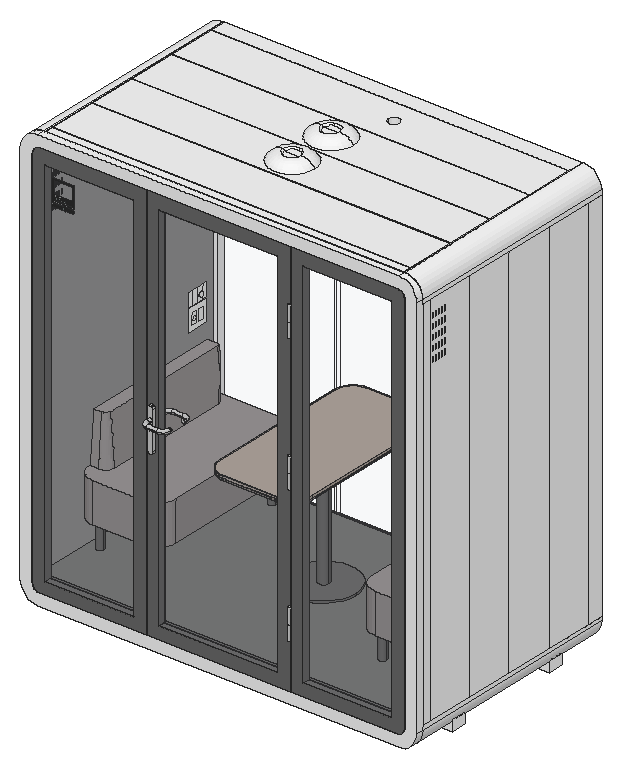
Revit family "MOTTO ML - white", category Entorno, Revit 2023 (continued)
Definition of nested family "Motto ML"
  Dimensions and locks
    Extrusion 60 sketch curve to Extrusion 60 sketch curve = 67 mm
    Extrusion 60 sketch curve to Extrusion 60 sketch curve = 275.173 mm
    Extrusion 61 sketch curve to Extrusion 61 sketch curve = 67 mm
    Extrusion 61 sketch curve to Extrusion 61 sketch curve = 275.173 mm
    Extrusion 62 sketch curve to Extrusion 62 sketch curve = 67 mm
    Extrusion 62 sketch curve to Extrusion 62 sketch curve = 276.319 mm
    Extrusion 86 sketch curve to Extrusion 86 sketch curve = 67 mm
    Extrusion 86 sketch curve to Extrusion 86 sketch curve = 275.173 mm
    Extrusion 88 sketch curve to Extrusion 88 sketch curve = 67 mm
    Extrusion 88 sketch curve to Extrusion 88 sketch curve = 275.173 mm
    Extrusion 89 sketch curve to Extrusion 89 sketch curve = 67 mm
    Extrusion 89 sketch curve to Extrusion 89 sketch curve = 89.363 mm
    Extrusion 90 sketch curve to Extrusion 90 sketch curve = 67 mm
    Extrusion 90 sketch curve to Extrusion 90 sketch curve = 50 mm
    Extrusion 93 sketch curve to Extrusion 93 sketch curve = 67 mm
    Extrusion 93 sketch curve to Extrusion 93 sketch curve = 89.363 mm
    Extrusion 94 sketch curve to Extrusion 94 sketch curve = 67 mm
    Extrusion 94 sketch curve to Extrusion 94 sketch curve = 50 mm
    Extrusion 102 sketch curve to Extrusion 102 sketch curve = 67 mm
    Extrusion 102 sketch curve to Extrusion 102 sketch curve = 275.173 mm
    Extrusion 103 sketch curve to Extrusion 103 sketch curve = 67 mm
    Extrusion 103 sketch curve to Extrusion 103 sketch curve = 275.173 mm
    Extrusion 104 sketch curve to Extrusion 104 sketch curve = 67 mm
    Extrusion 104 sketch curve to Extrusion 104 sketch curve = 276.319 mm
    Extrusion 105 sketch curve to Extrusion 105 sketch curve = 67 mm
    Extrusion 105 sketch curve to Extrusion 105 sketch curve = 275.173 mm
    Extrusion 106 sketch curve to Extrusion 106 sketch curve = 67 mm
    Extrusion 106 sketch curve to Extrusion 106 sketch curve = 275.173 mm
    Extrusion 107 sketch curve to Extrusion 107 sketch curve = 67 mm
    Extrusion 107 sketch curve to Extrusion 107 sketch curve = 276.319 mm
    Extrusion 120 sketch curve to Extrusion 120 sketch curve = 648.057 mm
    Extrusion 120 sketch curve to Extrusion 120 sketch curve = 40 mm
    Extrusion 121 sketch curve to Extrusion 121 sketch curve = 693.885 mm
    Extrusion 121 sketch curve to Extrusion 121 sketch curve = 40 mm
    Extrusion 122 sketch curve to Extrusion 122 sketch curve = 648.057 mm
    Extrusion 122 sketch curve to Extrusion 122 sketch curve = 25 mm
    Extrusion 123 sketch curve to Extrusion 123 sketch curve = 648.057 mm
    Extrusion 123 sketch curve to Extrusion 123 sketch curve = 40 mm
    Extrusion 124 sketch curve to Extrusion 124 sketch curve = 693.885 mm
    Extrusion 124 sketch curve to Extrusion 124 sketch curve = 40 mm
    Extrusion 125 sketch curve to Extrusion 125 sketch curve = 648.057 mm
    Extrusion 125 sketch curve to Extrusion 125 sketch curve = 25 mm
    aligned and locked: level to plane 2
    aligned and locked: Extrusion 80 sketch curve to Extrusion 80 sketch curve
  Automatic sketch dimensions
    Revolve 1 sketch curve to plane 3 "Center (Left/Right)" = 0 mm  (x2)
    plane 6 to Revolve 1 sketch curve = 1.5 mm
    Revolve 1 sketch curve to Revolve 1 sketch curve = 23.534 mm
    Revolve 1 sketch curve to Revolve 1 sketch curve = 19.466 mm  (x2)
    Revolve 1 sketch curve to Revolve 1 sketch curve = 7 mm
    Revolve 1 sketch curve to Revolve 1 sketch curve = 9.41 mm
    Revolve 1 sketch curve to Revolve 1 sketch curve = 80.75 mm
    Revolve 1 sketch curve to Revolve 1 sketch curve = 43.544 mm
    Revolve 1 sketch curve to Revolve 1 sketch curve = 9.466 mm
    Revolve 1 sketch curve to level = 167.545 mm
    Revolve 1 sketch curve to Revolve 1 sketch curve = 81.315 mm
    plane 9 to Extrusion 2 sketch curve = 0 mm
    Extrusion 2 sketch curve to level = 0 mm
    Extrusion 2 sketch curve to plane 6 = 0 mm
    Extrusion 2 sketch curve to plane 5 = 0 mm
    Extrusion 2 sketch curve to plane 9 = 66 mm
    Extrusion 2 sketch curve to Extrusion 2 sketch curve = 34 mm
    plane 12 to Extrusion 2 sketch curve = 81.2 mm
    Extrusion 2 sketch curve to Extrusion 2 sketch curve = 6 mm  (x5)
    plane 10 to Extrusion 2 sketch curve = 106 mm  (x2)
    Extrusion 2 sketch curve to plane 5 = 40 mm
    Extrusion 2 sketch curve to plane 10 = 0 mm
    Extrusion 3 sketch curve to plane 5 = 0 mm
    plane 6 to Extrusion 3 sketch curve = 66 mm
    Extrusion 3 sketch curve to plane 3 "Center (Left/Right)" = 400 mm
    Extrusion 3 sketch curve to Extrusion 3 sketch curve = 69 mm  (x2)
    plane 6 to Extrusion 3 sketch curve = 136.655 mm
    plane 3 "Center (Left/Right)" to Extrusion 3 sketch curve = 331 mm
    Extrusion 3 sketch curve to plane 5 = 67.345 mm
    Extrusion 4 sketch curve to plane 5 = 67.345 mm
    Extrusion 4 sketch curve to plane 3 "Center (Left/Right)" = 330 mm
    plane 3 "Center (Left/Right)" to Extrusion 4 sketch curve = 330 mm
    plane 6 to Extrusion 4 sketch curve = 136.655 mm
    Extrusion 5 sketch curve to plane 3 "Center (Left/Right)" = 381.56 mm
    Extrusion 5 sketch curve to Extrusion 5 sketch curve = 15 mm
    plane 4 to Extrusion 5 sketch curve = 150.525 mm
    Extrusion 5 sketch curve to plane 4 = 59.475 mm
    plane 7 to Sweep 6 sketch curve = 37.231 mm
    Sweep 6 sketch curve to plane 3 "Center (Left/Right)" = 366.56 mm
    Sweep 6 sketch curve to Sweep 6 sketch curve = 30 mm  (x2)
    Sweep 6 sketch curve to Sweep 6 sketch curve = 58.054 mm
    Sweep 6 sketch curve to Sweep 6 sketch curve = 8.98 mm
    plane 7 to Sweep 6 sketch curve = 13 mm
    profile plane to Sweep 6 sketch curve = 0 mm
    Sweep 6 sketch curve to profile plane = 0 mm
    Extrusion 7 sketch curve to plane 5 = 0 mm
    Extrusion 7 sketch curve to plane 9 = 66 mm
    plane 10 to Extrusion 7 sketch curve = 66 mm
    Extrusion 7 sketch curve to Extrusion 7 sketch curve = 67.345 mm
    Sweep 8 sketch curve to plane 9 = 66 mm
    plane 8 to Sweep 8 sketch curve = 40 mm
    Sweep 8 sketch curve to plane 7 = 40 mm
    profile plane to Sweep 8 sketch curve = 0 mm
    Sweep 8 sketch curve to Sweep 8 sketch curve = 10 mm
    profile plane to Sweep 8 sketch curve = 133.345 mm
    Sweep 8 sketch curve to Sweep 8 sketch curve = 2087.397 mm
    Extrusion 9 sketch curve to plane 9 = 66 mm
    plane 10 to Extrusion 9 sketch curve = 66 mm
    plane 6 to Extrusion 9 sketch curve = 132.345 mm
    plane 6 to Extrusion 9 sketch curve = 65 mm
    Extrusion 10 sketch curve to plane 13 = 140.535 mm
    Extrusion 10 sketch curve to plane 3 "Center (Left/Right)" = 254.558 mm
    Extrusion 10 sketch curve to Extrusion 10 sketch curve = 0 mm
    Extrusion 10 sketch curve to Extrusion 10 sketch curve = 70.711 mm  (x5)
    Extrusion 10 sketch curve to Extrusion 10 sketch curve = 218.579 mm  (x2)
    Extrusion 10 sketch curve to Extrusion 10 sketch curve = 564.554 mm  (x2)
    Extrusion 10 sketch curve to Extrusion 10 sketch curve = 71.842 mm  (x6)
    Extrusion 10 sketch curve to Extrusion 10 sketch curve = 216.316 mm  (x2)
    Extrusion 11 sketch curve to plane 9 = 65 mm
    plane 10 to Extrusion 11 sketch curve = 66 mm
    Extrusion 11 sketch curve to plane 5 = 67.345 mm
    Extrusion 11 sketch curve to Extrusion 11 sketch curve = 10 mm
    plane 13 to Extrusion 12 sketch curve = 80.49 mm  (x2)
    Extrusion 12 sketch curve to Extrusion 12 sketch curve = 0 mm  (x39)
    Extrusion 12 sketch curve to Extrusion 12 sketch curve = 7.5 mm  (x20)
    Extrusion 12 sketch curve to Extrusion 12 sketch curve = 5 mm  (x15)
    plane 13 to Extrusion 12 sketch curve = 0.49 mm  (x5)
    Extrusion 12 sketch curve to plane 13 = 7.01 mm  (x5)
    plane 6 to Extrusion 12 sketch curve = 441.768 mm
    Extrusion 12 sketch curve to Extrusion 12 sketch curve = 25 mm  (x5)
    Extrusion 12 sketch curve to Extrusion 12 sketch curve = 30 mm  (x8)
    Extrusion 13 sketch curve to level = 0 mm  (x2)
    Extrusion 13 sketch curve to plane 9 = 9.079 mm
    plane 12 to Extrusion 13 sketch curve = 81.2 mm
    Extrusion 13 sketch curve to level = 6.709 mm  (x2)
    Extrusion 13 sketch curve to Extrusion 13 sketch curve = 36.579 mm
    plane 10 to Extrusion 13 sketch curve = 136.579 mm
    Extrusion 13 sketch curve to plane 5 = 34 mm
    plane 10 to Extrusion 13 sketch curve = 100 mm
    plane 10 to Extrusion 13 sketch curve = 9.079 mm
    plane 5 to Extrusion 13 sketch curve = 7.633 mm
    plane 8 to Sweep 14 sketch curve = 54.775 mm
    Sweep 14 sketch curve to plane 3 "Center (Left/Right)" = 154.558 mm
    Sweep 14 sketch curve to Sweep 14 sketch curve = 0 mm
    Sweep 14 sketch curve to Sweep 14 sketch curve = 70.711 mm  (x11)
    Sweep 14 sketch curve to Sweep 14 sketch curve = 218.579 mm  (x4)
    Sweep 14 sketch curve to Sweep 14 sketch curve = 564.554 mm
    Sweep 14 sketch curve to Sweep 14 sketch curve = 275.265 mm
    profile plane to Sweep 14 sketch curve = 0 mm
    Sweep 14 sketch curve to Sweep 14 sketch curve = 16.25 mm
    Sweep 14 sketch curve to profile plane = 20 mm
    profile plane to Sweep 14 sketch curve = 805.531 mm
    Sweep 14 sketch curve to Sweep 14 sketch curve = 6.25 mm
    Sweep 14 sketch curve to Sweep 14 sketch curve = 20 mm
    Extrusion 15 sketch curve to plane 5 = 0 mm  (x2)
    Extrusion 15 sketch curve to plane 5 = 39.899 mm
    plane 10 to Extrusion 15 sketch curve = 66 mm
    Extrusion 15 sketch curve to Extrusion 15 sketch curve = 40.045 mm
    Extrusion 15 sketch curve to Extrusion 15 sketch curve = 29.955 mm  (x2)
    Extrusion 15 sketch curve to plane 5 = 67.345 mm
    plane 3 "Center (Left/Right)" to Extrusion 15 sketch curve = 470 mm
    Extrusion 15 sketch curve to Extrusion 15 sketch curve = 70 mm  (x2)
    Extrusion 15 sketch curve to plane 3 "Center (Left/Right)" = 400 mm
    plane 12 to Extrusion 15 sketch curve = 45.2 mm
    Extrusion 15 sketch curve to Extrusion 15 sketch curve = 30.101 mm
    Extrusion 15 sketch curve to Extrusion 15 sketch curve = 39.899 mm
    Extrusion 15 sketch curve to Extrusion 15 sketch curve = 27.446 mm
    plane 6 to Extrusion 15 sketch curve = 136.655 mm  (x2)
    Extrusion 15 sketch curve to Extrusion 15 sketch curve = 30.61 mm  (x2)
    Extrusion 16 sketch curve to plane 13 = 198.51 mm
    Extrusion 16 sketch curve to plane 12 = 374.8 mm
    Extrusion 16 sketch curve to plane 13 = 98.51 mm
    Extrusion 16 sketch curve to Extrusion 16 sketch curve = 100 mm
    plane 12 to Extrusion 16 sketch curve = 5.2 mm
    Extrusion 16 sketch curve to plane 9 = 76 mm
    plane 8 to Extrusion 16 sketch curve = 150 mm
    plane 3 "Center (Left/Right)" to Revolve 17 sketch curve = 0 mm  (x2)
    plane 6 to Revolve 17 sketch curve = 1.5 mm
    Revolve 17 sketch curve to plane 3 "Center (Left/Right)" = 23.534 mm
    Revolve 17 sketch curve to Revolve 17 sketch curve = 19.466 mm  (x2)
    Revolve 17 sketch curve to Revolve 17 sketch curve = 7 mm  (x2)
    Revolve 17 sketch curve to Revolve 17 sketch curve = 9.41 mm
    Revolve 17 sketch curve to Revolve 17 sketch curve = 80.75 mm
    Revolve 17 sketch curve to plane 6 = 31.5 mm
    Revolve 17 sketch curve to Revolve 17 sketch curve = 81.315 mm
    Revolve 17 sketch curve to level = 167.545 mm
    Extrusion 18 sketch curve to level = 0 mm  (x2)
    Extrusion 18 sketch curve to plane 9 = 9.079 mm
    plane 12 to Extrusion 18 sketch curve = 81.2 mm
    Extrusion 18 sketch curve to level = 6.709 mm  (x2)
    Extrusion 18 sketch curve to Extrusion 18 sketch curve = 36.579 mm
    plane 10 to Extrusion 18 sketch curve = 136.579 mm
    Extrusion 18 sketch curve to plane 5 = 34 mm
    plane 10 to Extrusion 18 sketch curve = 100 mm
    plane 10 to Extrusion 18 sketch curve = 9.079 mm
    plane 5 to Extrusion 18 sketch curve = 7.633 mm
    Extrusion 19 sketch curve to plane 3 "Center (Left/Right)" = 120 mm
    Extrusion 19 sketch curve to Extrusion 19 sketch curve = 5 mm  (x3)
    plane 14 to Extrusion 19 sketch curve = 29.574 mm
    plane 3 "Center (Left/Right)" to Extrusion 19 sketch curve = 115 mm  (x2)
    plane 1 "Center (Front/Back)" to Extrusion 19 sketch curve = 115 mm
    plane 12 to Extrusion 20 sketch curve = 45.2 mm
    Extrusion 20 sketch curve to plane 5 = 67.345 mm
    Extrusion 20 sketch curve to plane 12 = 448.8 mm
    plane 6 to Extrusion 20 sketch curve = 136.655 mm
    Extrusion 21 sketch curve to plane 5 = 67.345 mm
    plane 10 to Extrusion 21 sketch curve = 136 mm
    plane 3 "Center (Left/Right)" to Extrusion 21 sketch curve = 470 mm
    plane 6 to Extrusion 21 sketch curve = 136.655 mm
    Extrusion 22 sketch curve to plane 9 = 76 mm
    plane 12 to Extrusion 22 sketch curve = 55.2 mm
    Extrusion 22 sketch curve to Extrusion 22 sketch curve = 50 mm
    plane 12 to Extrusion 22 sketch curve = 5.2 mm
    Extrusion 22 sketch curve to plane 13 = 198.51 mm
    plane 8 to Extrusion 22 sketch curve = 134.867 mm
    plane 12 to Sweep 23 sketch curve = 55.2 mm  (x2)
    plane 12 to Sweep 23 sketch curve = 5.2 mm
    Sweep 23 sketch curve to plane 13 = 198.51 mm
    plane 8 to Sweep 23 sketch curve = 100 mm
    Sweep 23 sketch curve to Sweep 23 sketch curve = 50 mm  (x2)
    profile plane to Sweep 23 sketch curve = 0 mm
    Sweep 23 sketch curve to profile plane = 0 mm
    profile plane to Sweep 23 sketch curve = 5.086 mm
    Sweep 23 sketch curve to Sweep 23 sketch curve = 30.086 mm
    Sweep 23 sketch curve to profile plane = 25 mm
    profile plane to Sweep 23 sketch curve = 270 mm
    Extrusion 24 sketch curve to plane 3 "Center (Left/Right)" = 0 mm
    Extrusion 24 sketch curve to plane 14 = 0 mm
    Extrusion 25 sketch curve to plane 3 "Center (Left/Right)" = 0 mm
    Extrusion 25 sketch curve to plane 14 = 0 mm
    Extrusion 26 sketch curve to plane 9 = 76 mm
    Extrusion 26 sketch curve to Extrusion 26 sketch curve = 20 mm  (x4)
    plane 10 to Extrusion 26 sketch curve = 96 mm
    plane 6 to Extrusion 26 sketch curve = 152.345 mm  (x2)
    plane 12 to Extrusion 27 sketch curve = 31.826 mm  (x2)
    Extrusion 27 sketch curve to plane 12 = 301.426 mm  (x2)
    plane 8 to Extrusion 27 sketch curve = 137.169 mm  (x4)
    plane 10 to Extrusion 27 sketch curve = 482.626 mm  (x2)
    Extrusion 27 sketch curve to plane 13 = 181.341 mm  (x4)
    plane 10 to Extrusion 27 sketch curve = 149.374 mm  (x2)
    Extrusion 28 sketch curve to plane 9 = 67 mm
    Extrusion 28 sketch curve to plane 13 = 177.682 mm
    Extrusion 29 sketch curve to level = 0 mm  (x2)
    Extrusion 29 sketch curve to plane 6 = 0 mm  (x2)
    plane 10 to Extrusion 29 sketch curve = 0 mm  (x2)
    plane 10 to Extrusion 29 sketch curve = 65 mm  (x2)
    plane 10 to Extrusion 29 sketch curve = 100 mm  (x2)
    Extrusion 29 sketch curve to Extrusion 29 sketch curve = 5 mm  (x5)
    plane 5 to Extrusion 29 sketch curve = 1 mm
    Extrusion 29 sketch curve to plane 5 = 39 mm
    plane 12 to Extrusion 29 sketch curve = 76.2 mm  (x2)
    Extrusion 29 sketch curve to Extrusion 29 sketch curve = 35 mm  (x2)
    plane 9 to Extrusion 29 sketch curve = 0 mm  (x2)
    Extrusion 29 sketch curve to Extrusion 29 sketch curve = 22.408 mm  (x3)
    Extrusion 29 sketch curve to Extrusion 29 sketch curve = 17.408 mm  (x2)
    plane 10 to Extrusion 30 sketch curve = 67 mm
    Extrusion 30 sketch curve to plane 7 = 90 mm
    plane 8 to Extrusion 31 sketch curve = 0 mm
    Extrusion 31 sketch curve to plane 9 = 67 mm
    Extrusion 32 sketch curve to plane 9 = 67 mm
    Extrusion 32 sketch curve to plane 7 = 90 mm
    plane 12 to Extrusion 33 sketch curve = 76.2 mm
    plane 10 to Extrusion 33 sketch curve = 105 mm
    Extrusion 33 sketch curve to plane 7 = 89.618 mm
    Extrusion 33 sketch curve to plane 13 = 177.682 mm
    plane 8 to Extrusion 34 sketch curve = 0 mm
    plane 12 to Extrusion 34 sketch curve = 76.2 mm
    plane 10 to Extrusion 34 sketch curve = 105 mm
    Extrusion 34 sketch curve to Extrusion 34 sketch curve = 89.745 mm
    plane 8 to Extrusion 35 sketch curve = 0 mm
    Extrusion 35 sketch curve to plane 10 = 0 mm
    Extrusion 36 sketch curve to plane 10 = 0 mm
    Extrusion 36 sketch curve to plane 7 = 40 mm
    Sweep 37 sketch curve to plane 3 "Center (Left/Right)" = 254.558 mm
    Sweep 37 sketch curve to Sweep 37 sketch curve = 100 mm  (x3)
    Sweep 37 sketch curve to plane 13 = 40.535 mm
    plane 3 "Center (Left/Right)" to Sweep 37 sketch curve = 154.558 mm  (x2)
    plane 8 to Sweep 37 sketch curve = 153.524 mm
    Sweep 37 sketch curve to Sweep 37 sketch curve = 0 mm  (x2)
    profile plane to Sweep 37 sketch curve = 0 mm
    profile plane to Sweep 37 sketch curve = 2 mm
    Sweep 37 sketch curve to profile plane = 13.125 mm
    Sweep 37 sketch curve to Sweep 37 sketch curve = 20 mm
    profile plane to Sweep 37 sketch curve = 810.883 mm
    Sweep 37 sketch curve to Sweep 37 sketch curve = 11.219 mm
    plane 8 to Extrusion 38 sketch curve = 0 mm
    plane 10 to Extrusion 38 sketch curve = 105 mm
    plane 8 to Extrusion 39 sketch curve = 0 mm
    plane 3 "Center (Left/Right)" to Extrusion 39 sketch curve = 346.943 mm
    plane 8 to Extrusion 40 sketch curve = 0 mm
    Extrusion 40 sketch curve to plane 3 "Center (Left/Right)" = 346.943 mm
    Extrusion 41 sketch curve to plane 5 = 0 mm
    Extrusion 41 sketch curve to plane 9 = 65 mm
    Extrusion 41 sketch curve to Extrusion 41 sketch curve = 31.112 mm
    Extrusion 41 sketch curve to Extrusion 41 sketch curve = 40 mm  (x2)
    Extrusion 41 sketch curve to Extrusion 41 sketch curve = 0 mm  (x3)
    plane 10 to Extrusion 41 sketch curve = 105 mm
    Extrusion 41 sketch curve to Extrusion 41 sketch curve = 8.888 mm
    Extrusion 41 sketch curve to plane 5 = 39 mm
    Extrusion 41 sketch curve to Extrusion 41 sketch curve = 17.408 mm  (x2)
    plane 6 to Extrusion 41 sketch curve = 122.408 mm
    plane 8 to Extrusion 42 sketch curve = 0 mm
    plane 8 to Extrusion 42 sketch curve = 89.745 mm
    plane 12 to Extrusion 42 sketch curve = 76.2 mm
    plane 10 to Extrusion 42 sketch curve = 105 mm
    Extrusion 43 sketch curve to plane 7 = 89.618 mm
    Extrusion 43 sketch curve to plane 7 = 40 mm
    plane 12 to Extrusion 43 sketch curve = 76.2 mm
    plane 10 to Extrusion 43 sketch curve = 105 mm
    plane 7 to Extrusion 44 sketch curve = 8 mm
    plane 3 "Center (Left/Right)" to Extrusion 44 sketch curve = 400 mm
    plane 7 to Extrusion 45 sketch curve = 8 mm
    plane 3 "Center (Left/Right)" to Extrusion 45 sketch curve = 400 mm
    plane 7 to Extrusion 46 sketch curve = 8 mm
    plane 3 "Center (Left/Right)" to Extrusion 46 sketch curve = 400 mm
    plane 7 to Extrusion 47 sketch curve = 8 mm
    plane 3 "Center (Left/Right)" to Extrusion 47 sketch curve = 400 mm
    plane 7 to Extrusion 48 sketch curve = 8 mm
    plane 3 "Center (Left/Right)" to Extrusion 48 sketch curve = 400 mm
    plane 7 to Extrusion 49 sketch curve = 8 mm
    plane 3 "Center (Left/Right)" to Extrusion 49 sketch curve = 400 mm
    Extrusion 50 sketch curve to Extrusion 50 sketch curve = 0 mm  (x8)
    plane 14 to Extrusion 50 sketch curve = 24.574 mm
    Extrusion 50 sketch curve to plane 3 "Center (Left/Right)" = 125 mm
    Extrusion 50 sketch curve to Extrusion 50 sketch curve = 5 mm  (x4)
    plane 3 "Center (Left/Right)" to Extrusion 50 sketch curve = 115 mm  (x2)
    plane 1 "Center (Front/Back)" to Extrusion 50 sketch curve = 115 mm
    plane 14 to Extrusion 51 sketch curve = 8.288 mm  (x7)
    plane 10 to Extrusion 51 sketch curve = 446.754 mm
    Extrusion 51 sketch curve to Extrusion 51 sketch curve = 0 mm  (x158)
    Extrusion 51 sketch curve to Extrusion 51 sketch curve = 25 mm  (x26)
    plane 14 to Extrusion 51 sketch curve = 0.788 mm  (x10)
    Extrusion 51 sketch curve to Extrusion 51 sketch curve = 30 mm  (x24)
    plane 14 to Extrusion 51 sketch curve = 13.288 mm  (x2)
    plane 1 "Center (Front/Back)" to Extrusion 51 sketch curve = 76.286 mm
    Extrusion 51 sketch curve to plane 3 "Center (Left/Right)" = 408.067 mm
    plane 14 to Extrusion 51 sketch curve = 80.788 mm
    Extrusion 51 sketch curve to plane 14 = 6.712 mm  (x2)
    Extrusion 51 sketch curve to Extrusion 51 sketch curve = 72.5 mm  (x2)
    Extrusion 51 sketch curve to Extrusion 51 sketch curve = 7.5 mm  (x89)
    Extrusion 51 sketch curve to Extrusion 51 sketch curve = 87.5 mm
    Extrusion 51 sketch curve to Extrusion 51 sketch curve = 5 mm  (x71)
    plane 1 "Center (Front/Back)" to Extrusion 51 sketch curve = 61.286 mm  (x3)
    Extrusion 51 sketch curve to Extrusion 51 sketch curve = 15 mm
    Extrusion 52 sketch curve to Extrusion 52 sketch curve = 0 mm  (x3)
    plane 4 to Extrusion 52 sketch curve = 36.176 mm
    Extrusion 52 sketch curve to plane 3 "Center (Left/Right)" = 371.178 mm
    Extrusion 52 sketch curve to Extrusion 52 sketch curve = 4.5 mm  (x2)
    Extrusion 52 sketch curve to Extrusion 52 sketch curve = 2.434 mm
    Extrusion 52 sketch curve to Extrusion 52 sketch curve = 0.008 mm
    Extrusion 52 sketch curve to Extrusion 52 sketch curve = 12.789 mm
    Extrusion 52 sketch curve to Extrusion 52 sketch curve = 6.211 mm
    Extrusion 52 sketch curve to Extrusion 52 sketch curve = 1.001 mm
    plane 12 to Extrusion 53 sketch curve = 76.2 mm
    Extrusion 53 sketch curve to plane 7 = 40 mm
    plane 10 to Extrusion 53 sketch curve = 105 mm
    Extrusion 53 sketch curve to Extrusion 53 sketch curve = 49.745 mm
    Extrusion 54 sketch curve to plane 1 "Center (Front/Back)" = 0.127 mm
    plane 12 to Extrusion 54 sketch curve = 76.2 mm
    plane 10 to Extrusion 54 sketch curve = 105 mm
    Extrusion 54 sketch curve to plane 13 = 177.682 mm
    plane 12 to Extrusion 55 sketch curve = 76.2 mm
    Extrusion 55 sketch curve to plane 1 "Center (Front/Back)" = 0.127 mm
    plane 10 to Extrusion 55 sketch curve = 105 mm
    plane 14 to Extrusion 55 sketch curve = 185.256 mm
    plane 12 to Extrusion 56 sketch curve = 76.2 mm
    plane 10 to Extrusion 56 sketch curve = 105 mm
    plane 14 to Extrusion 56 sketch curve = 185.256 mm
    plane 8 to Extrusion 56 sketch curve = 89.363 mm
    Extrusion 57 sketch curve to plane 9 = 67 mm
    plane 1 "Center (Front/Back)" to Extrusion 57 sketch curve = 0.255 mm
    plane 1 "Center (Front/Back)" to Extrusion 58 sketch curve = 0.255 mm
    Extrusion 58 sketch curve to plane 9 = 67 mm
    Extrusion 59 sketch curve to plane 9 = 67 mm
    plane 8 to Extrusion 59 sketch curve = 89.363 mm
    plane 10 to Extrusion 60 sketch curve = 67 mm
    Extrusion 60 sketch curve to plane 13 = 177.682 mm
    plane 1 "Center (Front/Back)" to Extrusion 61 sketch curve = 0.255 mm
    plane 10 to Extrusion 61 sketch curve = 67 mm
    plane 10 to Extrusion 62 sketch curve = 67 mm
    plane 14 to Extrusion 62 sketch curve = 184.492 mm
    Extrusion 63 sketch curve to plane 13 = 198.51 mm
    plane 3 "Center (Left/Right)" to Extrusion 63 sketch curve = 544 mm
    Extrusion 63 sketch curve to plane 13 = 98.51 mm
    Extrusion 63 sketch curve to Extrusion 63 sketch curve = 100 mm
    plane 10 to Extrusion 63 sketch curve = 176 mm
    plane 10 to Extrusion 63 sketch curve = 76 mm
    plane 8 to Extrusion 63 sketch curve = 150 mm
    plane 10 to Extrusion 64 sketch curve = 76 mm
    Extrusion 64 sketch curve to Extrusion 64 sketch curve = 50 mm  (x3)
    plane 8 to Extrusion 64 sketch curve = 84.867 mm
    plane 1 "Center (Front/Back)" to Extrusion 64 sketch curve = 204.6 mm
    plane 10 to Sweep 65 sketch curve = 126 mm  (x2)
    Sweep 65 sketch curve to Sweep 65 sketch curve = 50 mm  (x3)
    plane 8 to Sweep 65 sketch curve = 50 mm
    plane 1 "Center (Front/Back)" to Sweep 65 sketch curve = 204.6 mm
    Sweep 65 sketch curve to profile plane = 0 mm
    profile plane to Sweep 65 sketch curve = 0 mm
    profile plane to Sweep 65 sketch curve = 25 mm
    Sweep 65 sketch curve to profile plane = 5.086 mm
    Sweep 65 sketch curve to profile plane = 30.086 mm
    profile plane to Sweep 65 sketch curve = 270 mm
    plane 3 "Center (Left/Right)" to Extrusion 66 sketch curve = 130.41 mm
    plane 8 to Extrusion 66 sketch curve = 226.411 mm
    Extrusion 67 sketch curve to Extrusion 67 sketch curve = 0 mm  (x2)
    plane 13 to Extrusion 67 sketch curve = 0 mm
    Revolve 68 sketch curve to plane 13 = 0 mm  (x2)
    Revolve 68 sketch curve to Revolve 68 sketch curve = 19 mm
    Revolve 68 sketch curve to Revolve 68 sketch curve = 20 mm
    Revolve 68 sketch curve to Revolve 68 sketch curve = 4 mm
    plane 12 to Extrusion 69 sketch curve = 76.2 mm
    plane 10 to Extrusion 69 sketch curve = 105 mm
    Extrusion 69 sketch curve to plane 7 = 89.618 mm
    Extrusion 69 sketch curve to plane 13 = 177.682 mm
    plane 8 to Extrusion 70 sketch curve = 0 mm
    plane 12 to Extrusion 70 sketch curve = 76.2 mm
    plane 10 to Extrusion 70 sketch curve = 105 mm
    Extrusion 70 sketch curve to Extrusion 70 sketch curve = 89.745 mm
    plane 12 to Extrusion 71 sketch curve = 76.2 mm
    Extrusion 71 sketch curve to plane 7 = 40 mm
    plane 10 to Extrusion 71 sketch curve = 105 mm
    Extrusion 71 sketch curve to Extrusion 71 sketch curve = 49.745 mm
    Extrusion 72 sketch curve to plane 1 "Center (Front/Back)" = 0.127 mm
    plane 12 to Extrusion 72 sketch curve = 76.2 mm
    plane 10 to Extrusion 72 sketch curve = 105 mm
    Extrusion 72 sketch curve to plane 13 = 177.682 mm
    plane 12 to Extrusion 73 sketch curve = 76.2 mm
    Extrusion 73 sketch curve to plane 1 "Center (Front/Back)" = 0.127 mm
    plane 10 to Extrusion 73 sketch curve = 105 mm
    plane 14 to Extrusion 73 sketch curve = 185.256 mm
    plane 12 to Extrusion 74 sketch curve = 76.2 mm
    plane 10 to Extrusion 74 sketch curve = 105 mm
    plane 14 to Extrusion 74 sketch curve = 185.256 mm
    plane 8 to Extrusion 74 sketch curve = 89.363 mm
    Extrusion 75 sketch curve to Extrusion 75 sketch curve = 0 mm  (x20)
    plane 8 to Extrusion 75 sketch curve = 214.318 mm
    Extrusion 75 sketch curve to Extrusion 75 sketch curve = 20 mm  (x2)
    Extrusion 75 sketch curve to Extrusion 75 sketch curve = 2 mm  (x3)
    Extrusion 75 sketch curve to Extrusion 75 sketch curve = 37 mm  (x2)
    Extrusion 75 sketch curve to Extrusion 75 sketch curve = 2.115 mm
    Extrusion 75 sketch curve to Extrusion 75 sketch curve = 14.26 mm  (x2)
    plane 4 to Extrusion 75 sketch curve = 142.566 mm
    Extrusion 75 sketch curve to Extrusion 75 sketch curve = 36.375 mm
    Extrusion 75 sketch curve to Extrusion 75 sketch curve = 37.625 mm  (x2)
    Extrusion 75 sketch curve to Extrusion 75 sketch curve = 0.5 mm
    Extrusion 76 sketch curve to Extrusion 76 sketch curve = 0 mm  (x2)
    plane 8 to Extrusion 76 sketch curve = 136.943 mm
    plane 4 to Extrusion 76 sketch curve = 106.191 mm
    Extrusion 76 sketch curve to Extrusion 76 sketch curve = 10 mm
    Extrusion 77 sketch curve to Extrusion 77 sketch curve = 0 mm  (x3)
    plane 8 to Extrusion 77 sketch curve = 212.111 mm
    Extrusion 77 sketch curve to Extrusion 77 sketch curve = 20 mm  (x2)
    Extrusion 77 sketch curve to Extrusion 77 sketch curve = 2 mm  (x8)
    Extrusion 77 sketch curve to Extrusion 77 sketch curve = 14 mm
    Extrusion 77 sketch curve to Extrusion 77 sketch curve = 28 mm
    Extrusion 77 sketch curve to Extrusion 77 sketch curve = 12 mm
    Extrusion 77 sketch curve to Extrusion 77 sketch curve = 2.085 mm
    Extrusion 77 sketch curve to Extrusion 77 sketch curve = 4.375 mm  (x2)
    Extrusion 77 sketch curve to Extrusion 77 sketch curve = 5 mm  (x2)
    Extrusion 77 sketch curve to Extrusion 77 sketch curve = 2.173 mm  (x4)
    Extrusion 77 sketch curve to Extrusion 77 sketch curve = 2.606 mm  (x3)
    Extrusion 77 sketch curve to Extrusion 77 sketch curve = 4.154 mm
    Extrusion 77 sketch curve to Extrusion 77 sketch curve = 5.588 mm
    Extrusion 77 sketch curve to Extrusion 77 sketch curve = 2.5 mm  (x2)
    Extrusion 77 sketch curve to Extrusion 77 sketch curve = 1.087 mm
    Extrusion 77 sketch curve to Extrusion 77 sketch curve = 1.548 mm
    Extrusion 77 sketch curve to Extrusion 77 sketch curve = 6.982 mm
    plane 4 to Extrusion 77 sketch curve = 267.034 mm
    Extrusion 77 sketch curve to Extrusion 77 sketch curve = 26 mm  (x2)
    Extrusion 77 sketch curve to Extrusion 77 sketch curve = 1.76 mm
    Extrusion 77 sketch curve to Extrusion 77 sketch curve = 2.296 mm  (x2)
    Extrusion 77 sketch curve to Extrusion 77 sketch curve = 4.344 mm  (x2)
    Extrusion 77 sketch curve to Extrusion 77 sketch curve = 5.344 mm  (x2)
    Extrusion 77 sketch curve to Extrusion 77 sketch curve = 7 mm  (x2)
    Extrusion 77 sketch curve to Extrusion 77 sketch curve = 9 mm  (x2)
    Extrusion 77 sketch curve to Extrusion 77 sketch curve = 6.95 mm
    Extrusion 77 sketch curve to Extrusion 77 sketch curve = 5.95 mm
    Extrusion 77 sketch curve to Extrusion 77 sketch curve = 3.309 mm
    Extrusion 77 sketch curve to Extrusion 77 sketch curve = 6.651 mm
    Extrusion 77 sketch curve to Extrusion 77 sketch curve = 4.767 mm
    Extrusion 77 sketch curve to Extrusion 77 sketch curve = 3.923 mm  (x2)
    Extrusion 77 sketch curve to Extrusion 77 sketch curve = 4.207 mm
    Extrusion 77 sketch curve to Extrusion 77 sketch curve = 30 mm
    Extrusion 77 sketch curve to Extrusion 77 sketch curve = 4.804 mm
    Extrusion 78 sketch curve to Extrusion 78 sketch curve = 0 mm  (x12)
    plane 8 to Extrusion 78 sketch curve = 188.816 mm
    Extrusion 78 sketch curve to Extrusion 78 sketch curve = 2.321 mm
    Extrusion 78 sketch curve to Extrusion 78 sketch curve = 2.462 mm
    Extrusion 78 sketch curve to plane 5 = 128.058 mm
    Extrusion 78 sketch curve to Extrusion 78 sketch curve = 0.249 mm
    Extrusion 78 sketch curve to Extrusion 78 sketch curve = 1 mm  (x9)
    Extrusion 78 sketch curve to Extrusion 78 sketch curve = 0.066 mm
    Extrusion 78 sketch curve to Extrusion 78 sketch curve = 0.657 mm
    Extrusion 78 sketch curve to Extrusion 78 sketch curve = 0.934 mm
    Extrusion 78 sketch curve to Extrusion 78 sketch curve = 5.406 mm
    Extrusion 78 sketch curve to Extrusion 78 sketch curve = 7.382 mm
    Extrusion 78 sketch curve to Extrusion 78 sketch curve = 5.539 mm
    Extrusion 78 sketch curve to Extrusion 78 sketch curve = 5.544 mm
    Extrusion 78 sketch curve to Extrusion 78 sketch curve = 11.358 mm  (x2)
    Extrusion 78 sketch curve to Extrusion 78 sketch curve = 11.629 mm
    Extrusion 78 sketch curve to Extrusion 78 sketch curve = 11.639 mm
    Extrusion 78 sketch curve to Extrusion 78 sketch curve = 5.825 mm
    Extrusion 78 sketch curve to Extrusion 78 sketch curve = 1.173 mm  (x2)
    Extrusion 78 sketch curve to Extrusion 78 sketch curve = 2.436 mm  (x2)
    Extrusion 78 sketch curve to Extrusion 78 sketch curve = 4.422 mm
    Extrusion 78 sketch curve to Extrusion 78 sketch curve = 0.578 mm  (x2)
    Extrusion 78 sketch curve to Extrusion 78 sketch curve = 1.93 mm  (x2)
    Extrusion 78 sketch curve to Extrusion 78 sketch curve = 0.414 mm  (x4)
    Extrusion 78 sketch curve to Extrusion 78 sketch curve = 3.706 mm
    Extrusion 78 sketch curve to Extrusion 78 sketch curve = 3.169 mm
    Extrusion 78 sketch curve to Extrusion 78 sketch curve = 3.023 mm  (x2)
    Extrusion 78 sketch curve to Extrusion 78 sketch curve = 0.156 mm
    Extrusion 78 sketch curve to Extrusion 78 sketch curve = 0.748 mm
    Extrusion 78 sketch curve to Extrusion 78 sketch curve = 1.565 mm
    Extrusion 78 sketch curve to Extrusion 78 sketch curve = 1.955 mm
    Extrusion 78 sketch curve to Extrusion 78 sketch curve = 2.276 mm
    Extrusion 78 sketch curve to Extrusion 78 sketch curve = 11.908 mm
    Extrusion 78 sketch curve to Extrusion 78 sketch curve = 8.038 mm
    Extrusion 78 sketch curve to Extrusion 78 sketch curve = 0.842 mm
    Extrusion 78 sketch curve to Extrusion 78 sketch curve = 0.375 mm  (x2)
    Extrusion 78 sketch curve to Extrusion 78 sketch curve = 3.297 mm
    Extrusion 78 sketch curve to Extrusion 78 sketch curve = 4.128 mm
    Extrusion 78 sketch curve to Extrusion 78 sketch curve = 1.987 mm
    Extrusion 78 sketch curve to Extrusion 78 sketch curve = 1.889 mm  (x2)
    Extrusion 78 sketch curve to Extrusion 78 sketch curve = 1.797 mm  (x3)
    Extrusion 78 sketch curve to Extrusion 78 sketch curve = 6.141 mm
    Extrusion 78 sketch curve to Extrusion 78 sketch curve = 4.462 mm
    Extrusion 78 sketch curve to Extrusion 78 sketch curve = 6.229 mm
    Extrusion 78 sketch curve to Extrusion 78 sketch curve = 2.94 mm
    Extrusion 78 sketch curve to Extrusion 78 sketch curve = 0.316 mm
    Extrusion 78 sketch curve to Extrusion 78 sketch curve = 0.241 mm  (x2)
    Extrusion 78 sketch curve to Extrusion 78 sketch curve = 12.049 mm
    Extrusion 79 sketch curve to Extrusion 79 sketch curve = 0 mm  (x2)
    plane 8 to Extrusion 79 sketch curve = 172.42 mm
    Extrusion 79 sketch curve to Extrusion 79 sketch curve = 3.965 mm
    Extrusion 79 sketch curve to Extrusion 79 sketch curve = 4 mm  (x2)
    Extrusion 79 sketch curve to Extrusion 79 sketch curve = 2.046 mm
    Extrusion 79 sketch curve to Extrusion 79 sketch curve = 0.5 mm  (x12)
    Extrusion 79 sketch curve to Extrusion 79 sketch curve = 2.736 mm  (x2)
    Extrusion 79 sketch curve to Extrusion 79 sketch curve = 1.621 mm
    Extrusion 79 sketch curve to Extrusion 79 sketch curve = 4.7 mm
    Extrusion 79 sketch curve to Extrusion 79 sketch curve = 5.159 mm
    Extrusion 79 sketch curve to Extrusion 79 sketch curve = 2.121 mm
    Extrusion 79 sketch curve to Extrusion 79 sketch curve = 2.081 mm
    Extrusion 79 sketch curve to Extrusion 79 sketch curve = 4.817 mm
    Extrusion 79 sketch curve to plane 5 = 172.133 mm
    Extrusion 79 sketch curve to Extrusion 79 sketch curve = 6.721 mm
    Extrusion 79 sketch curve to Extrusion 79 sketch curve = 5.672 mm
    Extrusion 79 sketch curve to Extrusion 79 sketch curve = 2.427 mm  (x2)
    Extrusion 79 sketch curve to Extrusion 79 sketch curve = 1.963 mm
    Extrusion 79 sketch curve to Extrusion 79 sketch curve = 2.463 mm
    Extrusion 79 sketch curve to Extrusion 79 sketch curve = 0.968 mm
    Extrusion 79 sketch curve to Extrusion 79 sketch curve = 7.468 mm
    Extrusion 80 sketch curve to Extrusion 20 = 49.991 mm
    Extrusion 80 sketch curve to Extrusion 80 sketch curve = 0.009 mm  (x11)
    Extrusion 80 sketch curve to Extrusion 80 sketch curve = 1.145 mm  (x2)
    Extrusion 80 sketch curve to Extrusion 80 sketch curve = 1.265 mm  (x6)
    Extrusion 80 sketch curve to Extrusion 80 sketch curve = 2.456 mm
    Extrusion 80 sketch curve to Extrusion 80 sketch curve = 1.669 mm  (x5)
    Extrusion 80 sketch curve to Extrusion 80 sketch curve = 1.094 mm  (x3)
    Extrusion 80 sketch curve to Extrusion 80 sketch curve = 3.194 mm
    Extrusion 80 sketch curve to Extrusion 80 sketch curve = 3.721 mm
    Extrusion 80 sketch curve to Extrusion 80 sketch curve = 0.809 mm
    Extrusion 80 sketch curve to Extrusion 80 sketch curve = 1.077 mm  (x3)
    Extrusion 80 sketch curve to Extrusion 80 sketch curve = 1.33 mm  (x11)
    Extrusion 80 sketch curve to Extrusion 80 sketch curve = 1.123 mm
    Extrusion 80 sketch curve to Extrusion 80 sketch curve = 0.05 mm
    Extrusion 80 sketch curve to Extrusion 80 sketch curve = 3.222 mm
    Extrusion 80 sketch curve to Extrusion 80 sketch curve = 1.294 mm
    Extrusion 80 sketch curve to Extrusion 80 sketch curve = 1.913 mm
    Extrusion 80 sketch curve to Extrusion 80 sketch curve = 0.536 mm
    Extrusion 80 sketch curve to Extrusion 80 sketch curve = 5.995 mm
    Extrusion 80 sketch curve to Extrusion 80 sketch curve = 1.132 mm
    Extrusion 80 sketch curve to Extrusion 80 sketch curve = 5.097 mm
    Extrusion 80 sketch curve to Extrusion 80 sketch curve = 2.2 mm  (x2)
    Extrusion 80 sketch curve to Extrusion 80 sketch curve = 0.669 mm
    Extrusion 80 sketch curve to Extrusion 80 sketch curve = 1.507 mm
    Extrusion 80 sketch curve to Extrusion 80 sketch curve = 1.337 mm
    Extrusion 80 sketch curve to Extrusion 80 sketch curve = 2.362 mm
    Extrusion 80 sketch curve to Extrusion 80 sketch curve = 2.682 mm
    Extrusion 80 sketch curve to Extrusion 80 sketch curve = 1.663 mm
    Extrusion 80 sketch curve to Extrusion 80 sketch curve = 1.136 mm
    Extrusion 80 sketch curve to Extrusion 80 sketch curve = 1.18 mm
    Extrusion 80 sketch curve to Extrusion 80 sketch curve = 2.518 mm
    Extrusion 80 sketch curve to Extrusion 80 sketch curve = 4.6 mm
    Extrusion 80 sketch curve to Extrusion 80 sketch curve = 0 mm  (x49)
    Extrusion 80 sketch curve to Extrusion 80 sketch curve = 0.266 mm
    Extrusion 80 sketch curve to Extrusion 80 sketch curve = 1.251 mm  (x2)
    Extrusion 80 sketch curve to Extrusion 80 sketch curve = 0.092 mm  (x2)
    Extrusion 80 sketch curve to Extrusion 80 sketch curve = 0.617 mm
    Extrusion 80 sketch curve to Extrusion 80 sketch curve = 4.974 mm
    Extrusion 80 sketch curve to Extrusion 80 sketch curve = 1.218 mm
    Extrusion 80 sketch curve to Extrusion 80 sketch curve = 0.048 mm
    Extrusion 80 sketch curve to Extrusion 80 sketch curve = 1.484 mm
    Extrusion 80 sketch curve to Extrusion 80 sketch curve = 1.02 mm
    Extrusion 80 sketch curve to Extrusion 80 sketch curve = 0.758 mm
    Extrusion 80 sketch curve to Extrusion 80 sketch curve = 7.971 mm
    Extrusion 80 sketch curve to Extrusion 80 sketch curve = 1.66 mm
    Extrusion 80 sketch curve to Extrusion 80 sketch curve = 2.095 mm  (x8)
    Extrusion 80 sketch curve to Extrusion 80 sketch curve = 0.12 mm  (x3)
    Extrusion 80 sketch curve to Extrusion 80 sketch curve = 3.531 mm
    Extrusion 80 sketch curve to Extrusion 80 sketch curve = 8.063 mm
    Extrusion 80 sketch curve to Extrusion 80 sketch curve = 0.664 mm
    Extrusion 80 sketch curve to Extrusion 80 sketch curve = 0.708 mm
    Extrusion 80 sketch curve to Extrusion 80 sketch curve = 2.688 mm  (x4)
    Extrusion 80 sketch curve to Extrusion 80 sketch curve = 1.078 mm
    Extrusion 80 sketch curve to Extrusion 80 sketch curve = 1.763 mm
    Extrusion 80 sketch curve to Extrusion 80 sketch curve = 0.007 mm
    Extrusion 80 sketch curve to Extrusion 80 sketch curve = 0.26 mm
    Extrusion 80 sketch curve to Extrusion 80 sketch curve = 0.487 mm
    Extrusion 80 sketch curve to Extrusion 80 sketch curve = 0.917 mm
    Extrusion 80 sketch curve to Extrusion 80 sketch curve = 14.847 mm
    Extrusion 80 sketch curve to Extrusion 80 sketch curve = 2.544 mm
    Extrusion 80 sketch curve to Extrusion 80 sketch curve = 1.048 mm
    Extrusion 80 sketch curve to Extrusion 80 sketch curve = 2.304 mm  (x4)
    Extrusion 80 sketch curve to Extrusion 80 sketch curve = 4.746 mm  (x2)
    Extrusion 80 sketch curve to Extrusion 80 sketch curve = 6.952 mm
    Extrusion 80 sketch curve to Extrusion 80 sketch curve = 2.763 mm
    Extrusion 80 sketch curve to Extrusion 80 sketch curve = 3.745 mm  (x2)
    Extrusion 80 sketch curve to Extrusion 80 sketch curve = 3.267 mm
    Extrusion 80 sketch curve to Extrusion 80 sketch curve = 3.424 mm
    Extrusion 80 sketch curve to Extrusion 80 sketch curve = 1.128 mm
    Extrusion 80 sketch curve to Extrusion 80 sketch curve = 2.922 mm
    Extrusion 80 sketch curve to Extrusion 80 sketch curve = 3.105 mm
    Extrusion 80 sketch curve to Extrusion 80 sketch curve = 3.558 mm
    Extrusion 80 sketch curve to Extrusion 80 sketch curve = 3.308 mm
    Extrusion 80 sketch curve to Extrusion 80 sketch curve = 9.945 mm
    Extrusion 80 sketch curve to Extrusion 80 sketch curve = 2.923 mm
    Extrusion 80 sketch curve to Extrusion 80 sketch curve = 6.899 mm
    Extrusion 80 sketch curve to Extrusion 80 sketch curve = 1.653 mm  (x2)
    Extrusion 80 sketch curve to Extrusion 80 sketch curve = 1.401 mm  (x2)
    Extrusion 80 sketch curve to Extrusion 80 sketch curve = 3.054 mm  (x2)
    Extrusion 80 sketch curve to Extrusion 80 sketch curve = 1.608 mm
    Extrusion 80 sketch curve to Extrusion 80 sketch curve = 2.295 mm
    Extrusion 80 sketch curve to Extrusion 80 sketch curve = 1.504 mm  (x3)
    Extrusion 80 sketch curve to Extrusion 80 sketch curve = 1.404 mm  (x2)
    Extrusion 80 sketch curve to Extrusion 80 sketch curve = 1.018 mm  (x3)
    Extrusion 80 sketch curve to Extrusion 80 sketch curve = 2.436 mm  (x2)
    Extrusion 80 sketch curve to Extrusion 80 sketch curve = 7.951 mm
    Extrusion 80 sketch curve to Extrusion 80 sketch curve = 1.886 mm  (x2)
    Extrusion 80 sketch curve to Extrusion 80 sketch curve = 1.906 mm  (x3)
    Extrusion 80 sketch curve to Extrusion 80 sketch curve = 1.543 mm
    Extrusion 80 sketch curve to Extrusion 80 sketch curve = 1.541 mm  (x2)
    Extrusion 80 sketch curve to Extrusion 80 sketch curve = 1.627 mm
    Extrusion 80 sketch curve to Extrusion 80 sketch curve = 0.408 mm
    Extrusion 80 sketch curve to Extrusion 80 sketch curve = 2.036 mm
    Extrusion 80 sketch curve to Extrusion 80 sketch curve = 0.595 mm
    Extrusion 80 sketch curve to Extrusion 80 sketch curve = 1.332 mm  (x2)
    Extrusion 80 sketch curve to Extrusion 80 sketch curve = 2.058 mm
    Extrusion 80 sketch curve to Extrusion 80 sketch curve = 0.358 mm  (x2)
    Extrusion 80 sketch curve to Extrusion 80 sketch curve = 0.228 mm  (x2)
    Extrusion 80 sketch curve to Extrusion 80 sketch curve = 1.125 mm
    Extrusion 80 sketch curve to Extrusion 80 sketch curve = 0.723 mm
    Extrusion 80 sketch curve to Extrusion 80 sketch curve = 23.459 mm
    Extrusion 80 sketch curve to Extrusion 80 sketch curve = 2.659 mm
    Extrusion 80 sketch curve to Extrusion 80 sketch curve = 22.565 mm
    Extrusion 80 sketch curve to Extrusion 20 = 188.395 mm
    Extrusion 80 sketch curve to Extrusion 80 sketch curve = 0.586 mm
    Extrusion 80 sketch curve to Extrusion 80 sketch curve = 0.668 mm
    Extrusion 80 sketch curve to Extrusion 80 sketch curve = 0.525 mm
    Extrusion 80 sketch curve to Extrusion 80 sketch curve = 1.012 mm
    Extrusion 80 sketch curve to Extrusion 80 sketch curve = 1.87 mm
    Extrusion 80 sketch curve to Extrusion 80 sketch curve = 0.667 mm
    Extrusion 80 sketch curve to Extrusion 80 sketch curve = 0.959 mm
    Extrusion 80 sketch curve to Extrusion 80 sketch curve = 2.162 mm
    Extrusion 80 sketch curve to Extrusion 80 sketch curve = 2.255 mm  (x3)
    Extrusion 80 sketch curve to Extrusion 80 sketch curve = 0.147 mm
    Extrusion 80 sketch curve to Extrusion 80 sketch curve = 0.886 mm  (x4)
    Extrusion 80 sketch curve to Extrusion 80 sketch curve = 1.794 mm
    Extrusion 80 sketch curve to Extrusion 80 sketch curve = 3.666 mm
    Extrusion 80 sketch curve to Extrusion 80 sketch curve = 0.012 mm
    Extrusion 80 sketch curve to Extrusion 80 sketch curve = 1.819 mm
    Extrusion 80 sketch curve to Extrusion 80 sketch curve = 1.727 mm
    Extrusion 80 sketch curve to Extrusion 80 sketch curve = 0.883 mm
    Extrusion 80 sketch curve to Extrusion 80 sketch curve = 1.112 mm  (x3)
    Extrusion 80 sketch curve to Extrusion 80 sketch curve = 2.331 mm  (x2)
    Extrusion 80 sketch curve to Extrusion 80 sketch curve = 1.425 mm
    Extrusion 80 sketch curve to Extrusion 80 sketch curve = 0.217 mm  (x2)
    Extrusion 80 sketch curve to Extrusion 80 sketch curve = 1.842 mm
    Extrusion 80 sketch curve to Extrusion 80 sketch curve = 1.869 mm
    Extrusion 80 sketch curve to Extrusion 80 sketch curve = 0.902 mm  (x10)
    Extrusion 80 sketch curve to Extrusion 80 sketch curve = 1.174 mm
    Extrusion 80 sketch curve to Extrusion 80 sketch curve = 1.147 mm
    Extrusion 80 sketch curve to Extrusion 80 sketch curve = 0.553 mm
    Extrusion 80 sketch curve to Extrusion 80 sketch curve = 1.852 mm
    Extrusion 80 sketch curve to Extrusion 80 sketch curve = 2.228 mm
    Extrusion 80 sketch curve to Extrusion 80 sketch curve = 0.607 mm
    Extrusion 80 sketch curve to Extrusion 80 sketch curve = 0.853 mm  (x3)
    Extrusion 80 sketch curve to Extrusion 80 sketch curve = 0.753 mm
    Extrusion 80 sketch curve to Extrusion 80 sketch curve = 1.117 mm
    Extrusion 80 sketch curve to Extrusion 80 sketch curve = 1.264 mm
    Extrusion 80 sketch curve to Extrusion 80 sketch curve = 4.292 mm
    Extrusion 80 sketch curve to Extrusion 80 sketch curve = 2.557 mm  (x2)
    Extrusion 80 sketch curve to Extrusion 80 sketch curve = 2.057 mm
    Extrusion 80 sketch curve to Extrusion 80 sketch curve = 1.151 mm  (x2)
    Extrusion 80 sketch curve to Extrusion 80 sketch curve = 5.427 mm
    Extrusion 80 sketch curve to Extrusion 80 sketch curve = 2.893 mm
    Extrusion 80 sketch curve to Extrusion 80 sketch curve = 1.812 mm
    Extrusion 80 sketch curve to Extrusion 80 sketch curve = 5.301 mm
    Extrusion 80 sketch curve to Extrusion 80 sketch curve = 1.618 mm
    Extrusion 80 sketch curve to Extrusion 80 sketch curve = 3.866 mm
    Extrusion 80 sketch curve to Extrusion 80 sketch curve = 5.62 mm
    Extrusion 80 sketch curve to Extrusion 80 sketch curve = 1.438 mm
    Extrusion 80 sketch curve to Extrusion 80 sketch curve = 3.55 mm
    Extrusion 80 sketch curve to Extrusion 80 sketch curve = 1.793 mm  (x2)
    Extrusion 80 sketch curve to Extrusion 80 sketch curve = 13.56 mm
    Extrusion 80 sketch curve to Extrusion 80 sketch curve = 2.701 mm
    Extrusion 80 sketch curve to Extrusion 80 sketch curve = 19.202 mm
    Extrusion 80 sketch curve to Extrusion 80 sketch curve = 9.849 mm
    Extrusion 80 sketch curve to Extrusion 80 sketch curve = 4.904 mm  (x2)
    Extrusion 80 sketch curve to Extrusion 80 sketch curve = 5.534 mm
    Extrusion 80 sketch curve to Extrusion 80 sketch curve = 3.386 mm  (x2)
    Extrusion 80 sketch curve to Extrusion 80 sketch curve = 2.087 mm  (x6)
    Extrusion 80 sketch curve to Extrusion 80 sketch curve = 9.074 mm
    Extrusion 80 sketch curve to Extrusion 80 sketch curve = 4.87 mm
    Extrusion 80 sketch curve to Extrusion 80 sketch curve = 0.027 mm
    Extrusion 80 sketch curve to Extrusion 80 sketch curve = 4.691 mm  (x2)
    Extrusion 80 sketch curve to Extrusion 80 sketch curve = 4.664 mm
    Extrusion 80 sketch curve to Extrusion 80 sketch curve = 3.44 mm  (x2)
    Extrusion 80 sketch curve to Extrusion 80 sketch curve = 5.891 mm
    Extrusion 80 sketch curve to Extrusion 80 sketch curve = 7.254 mm
    Extrusion 80 sketch curve to Extrusion 80 sketch curve = 1.003 mm
    Extrusion 80 sketch curve to Extrusion 80 sketch curve = 4.655 mm  (x4)
    Extrusion 80 sketch curve to Extrusion 80 sketch curve = 3.429 mm
    Extrusion 80 sketch curve to Extrusion 80 sketch curve = 1.858 mm
    Extrusion 80 sketch curve to Extrusion 80 sketch curve = 4.224 mm
    Extrusion 80 sketch curve to Extrusion 20 = 52.475 mm
    Extrusion 80 sketch curve to Extrusion 80 sketch curve = 2.475 mm
    Extrusion 80 sketch curve to Extrusion 80 sketch curve = 3.868 mm
    Extrusion 80 sketch curve to Extrusion 80 sketch curve = 1.949 mm  (x3)
    Extrusion 80 sketch curve to Extrusion 80 sketch curve = 3.847 mm
    Extrusion 80 sketch curve to Extrusion 80 sketch curve = 6.199 mm
    Extrusion 80 sketch curve to Extrusion 80 sketch curve = 1.194 mm
    Extrusion 80 sketch curve to Extrusion 80 sketch curve = 1.203 mm
    Extrusion 80 sketch curve to Extrusion 80 sketch curve = 0.005 mm
    Revolve 81 sketch curve to plane 3 "Center (Left/Right)" = 0 mm  (x2)
    plane 6 to Revolve 81 sketch curve = 1.5 mm
    Revolve 81 sketch curve to Revolve 81 sketch curve = 23.534 mm
    Revolve 81 sketch curve to Revolve 81 sketch curve = 19.466 mm  (x2)
    Revolve 81 sketch curve to Revolve 81 sketch curve = 7 mm
    Revolve 81 sketch curve to Revolve 81 sketch curve = 9.41 mm
    Revolve 81 sketch curve to Revolve 81 sketch curve = 80.75 mm
    Revolve 81 sketch curve to Revolve 81 sketch curve = 43.544 mm
    Revolve 81 sketch curve to Revolve 81 sketch curve = 9.466 mm
    Revolve 81 sketch curve to level = 167.545 mm
    Revolve 81 sketch curve to Revolve 81 sketch curve = 81.315 mm
    plane 9 to Extrusion 82 sketch curve = 0 mm
    Extrusion 82 sketch curve to level = 0 mm
    Extrusion 82 sketch curve to plane 6 = 0 mm
    Extrusion 82 sketch curve to plane 5 = 0 mm
    Extrusion 82 sketch curve to plane 9 = 66 mm
    Extrusion 82 sketch curve to Extrusion 82 sketch curve = 34 mm
    plane 12 to Extrusion 82 sketch curve = 81.2 mm
    Extrusion 82 sketch curve to Extrusion 82 sketch curve = 6 mm  (x5)
    plane 10 to Extrusion 82 sketch curve = 106 mm  (x2)
    Extrusion 82 sketch curve to plane 5 = 40 mm
    Extrusion 82 sketch curve to plane 10 = 0 mm
    Extrusion 83 sketch curve to level = 0 mm  (x2)
    Extrusion 83 sketch curve to plane 9 = 9.079 mm
    plane 12 to Extrusion 83 sketch curve = 81.2 mm
    Extrusion 83 sketch curve to level = 6.709 mm  (x2)
    Extrusion 83 sketch curve to Extrusion 83 sketch curve = 36.579 mm
    plane 10 to Extrusion 83 sketch curve = 136.579 mm
    Extrusion 83 sketch curve to plane 5 = 34 mm
    plane 10 to Extrusion 83 sketch curve = 100 mm
    plane 10 to Extrusion 83 sketch curve = 9.079 mm
    plane 5 to Extrusion 83 sketch curve = 7.633 mm
    plane 3 "Center (Left/Right)" to Revolve 84 sketch curve = 0 mm  (x2)
    plane 6 to Revolve 84 sketch curve = 1.5 mm
    Revolve 84 sketch curve to plane 3 "Center (Left/Right)" = 23.534 mm
    Revolve 84 sketch curve to Revolve 84 sketch curve = 19.466 mm  (x2)
    Revolve 84 sketch curve to Revolve 84 sketch curve = 7 mm  (x2)
    Revolve 84 sketch curve to Revolve 84 sketch curve = 9.41 mm
    Revolve 84 sketch curve to Revolve 84 sketch curve = 80.75 mm
    Revolve 84 sketch curve to plane 6 = 31.5 mm
    Revolve 84 sketch curve to Revolve 84 sketch curve = 81.315 mm
    Revolve 84 sketch curve to level = 167.545 mm
    Extrusion 85 sketch curve to level = 0 mm  (x2)
    Extrusion 85 sketch curve to plane 9 = 9.079 mm
    plane 12 to Extrusion 85 sketch curve = 81.2 mm
    Extrusion 85 sketch curve to level = 6.709 mm  (x2)
    Extrusion 85 sketch curve to Extrusion 85 sketch curve = 36.579 mm
    plane 10 to Extrusion 85 sketch curve = 136.579 mm
    Extrusion 85 sketch curve to plane 5 = 34 mm
    plane 10 to Extrusion 85 sketch curve = 100 mm
    plane 10 to Extrusion 85 sketch curve = 9.079 mm
    plane 5 to Extrusion 85 sketch curve = 7.633 mm
    Extrusion 86 sketch curve to plane 9 = 67 mm
    Extrusion 86 sketch curve to plane 13 = 177.682 mm
    Extrusion 87 sketch curve to level = 0 mm  (x2)
    Extrusion 87 sketch curve to plane 6 = 0 mm  (x2)
    plane 10 to Extrusion 87 sketch curve = 0 mm  (x2)
    plane 10 to Extrusion 87 sketch curve = 65 mm  (x2)
    plane 10 to Extrusion 87 sketch curve = 100 mm  (x2)
    Extrusion 87 sketch curve to Extrusion 87 sketch curve = 5 mm  (x5)
    plane 5 to Extrusion 87 sketch curve = 1 mm
    Extrusion 87 sketch curve to plane 5 = 39 mm
    plane 12 to Extrusion 87 sketch curve = 76.2 mm  (x2)
    Extrusion 87 sketch curve to Extrusion 87 sketch curve = 35 mm  (x2)
    plane 9 to Extrusion 87 sketch curve = 0 mm  (x2)
    Extrusion 87 sketch curve to Extrusion 87 sketch curve = 22.408 mm  (x3)
    Extrusion 87 sketch curve to Extrusion 87 sketch curve = 17.408 mm  (x2)
    plane 10 to Extrusion 88 sketch curve = 67 mm
    Extrusion 88 sketch curve to plane 7 = 90 mm
    plane 8 to Extrusion 89 sketch curve = 0 mm
    Extrusion 89 sketch curve to plane 9 = 67 mm
    Extrusion 90 sketch curve to plane 9 = 67 mm
    Extrusion 90 sketch curve to plane 7 = 90 mm
    plane 12 to Extrusion 91 sketch curve = 76.2 mm
    plane 10 to Extrusion 91 sketch curve = 105 mm
    Extrusion 91 sketch curve to plane 7 = 89.618 mm
    Extrusion 91 sketch curve to plane 13 = 177.682 mm
    plane 8 to Extrusion 92 sketch curve = 0 mm
    plane 12 to Extrusion 92 sketch curve = 76.2 mm
    plane 10 to Extrusion 92 sketch curve = 105 mm
    Extrusion 92 sketch curve to Extrusion 92 sketch curve = 89.745 mm
    plane 8 to Extrusion 93 sketch curve = 0 mm
    Extrusion 93 sketch curve to plane 10 = 0 mm
    Extrusion 94 sketch curve to plane 10 = 0 mm
    Extrusion 94 sketch curve to plane 7 = 40 mm
    Extrusion 95 sketch curve to plane 5 = 0 mm
    Extrusion 95 sketch curve to plane 9 = 65 mm
    Extrusion 95 sketch curve to Extrusion 95 sketch curve = 31.112 mm
    Extrusion 95 sketch curve to Extrusion 95 sketch curve = 40 mm  (x2)
    Extrusion 95 sketch curve to Extrusion 95 sketch curve = 0 mm  (x3)
    plane 10 to Extrusion 95 sketch curve = 105 mm
    Extrusion 95 sketch curve to Extrusion 95 sketch curve = 8.888 mm
    Extrusion 95 sketch curve to plane 5 = 39 mm
    Extrusion 95 sketch curve to Extrusion 95 sketch curve = 17.408 mm  (x2)
    plane 6 to Extrusion 95 sketch curve = 122.408 mm
    plane 8 to Extrusion 96 sketch curve = 0 mm
    plane 8 to Extrusion 96 sketch curve = 89.745 mm
    plane 12 to Extrusion 96 sketch curve = 76.2 mm
    plane 10 to Extrusion 96 sketch curve = 105 mm
    Extrusion 97 sketch curve to plane 7 = 89.618 mm
    Extrusion 97 sketch curve to plane 7 = 40 mm
    plane 12 to Extrusion 97 sketch curve = 76.2 mm
    plane 10 to Extrusion 97 sketch curve = 105 mm
    plane 12 to Extrusion 98 sketch curve = 76.2 mm
    Extrusion 98 sketch curve to plane 7 = 40 mm
    plane 10 to Extrusion 98 sketch curve = 105 mm
    Extrusion 98 sketch curve to Extrusion 98 sketch curve = 49.745 mm
    Extrusion 99 sketch curve to plane 1 "Center (Front/Back)" = 0.127 mm
    plane 12 to Extrusion 99 sketch curve = 76.2 mm
    plane 10 to Extrusion 99 sketch curve = 105 mm
    Extrusion 99 sketch curve to plane 13 = 177.682 mm
    plane 12 to Extrusion 100 sketch curve = 76.2 mm
    Extrusion 100 sketch curve to plane 1 "Center (Front/Back)" = 0.127 mm
    plane 10 to Extrusion 100 sketch curve = 105 mm
    plane 14 to Extrusion 100 sketch curve = 185.256 mm
    plane 12 to Extrusion 101 sketch curve = 76.2 mm
    plane 10 to Extrusion 101 sketch curve = 105 mm
    plane 14 to Extrusion 101 sketch curve = 185.256 mm
    plane 8 to Extrusion 101 sketch curve = 89.363 mm
    Extrusion 102 sketch curve to plane 9 = 67 mm
    plane 1 "Center (Front/Back)" to Extrusion 102 sketch curve = 0.255 mm
    plane 1 "Center (Front/Back)" to Extrusion 103 sketch curve = 0.255 mm
    Extrusion 103 sketch curve to plane 9 = 67 mm
    Extrusion 104 sketch curve to plane 9 = 67 mm
    plane 8 to Extrusion 104 sketch curve = 89.363 mm
    plane 10 to Extrusion 105 sketch curve = 67 mm
    Extrusion 105 sketch curve to plane 13 = 177.682 mm
    plane 1 "Center (Front/Back)" to Extrusion 106 sketch curve = 0.255 mm
    plane 10 to Extrusion 106 sketch curve = 67 mm
    plane 10 to Extrusion 107 sketch curve = 67 mm
    plane 14 to Extrusion 107 sketch curve = 184.492 mm
    plane 12 to Extrusion 108 sketch curve = 76.2 mm
    plane 10 to Extrusion 108 sketch curve = 105 mm
    Extrusion 108 sketch curve to plane 7 = 89.618 mm
    Extrusion 108 sketch curve to plane 13 = 177.682 mm
    plane 8 to Extrusion 109 sketch curve = 0 mm
    plane 12 to Extrusion 109 sketch curve = 76.2 mm
    plane 10 to Extrusion 109 sketch curve = 105 mm
    Extrusion 109 sketch curve to Extrusion 109 sketch curve = 89.745 mm
    plane 12 to Extrusion 110 sketch curve = 76.2 mm
    Extrusion 110 sketch curve to plane 7 = 40 mm
    plane 10 to Extrusion 110 sketch curve = 105 mm
    Extrusion 110 sketch curve to Extrusion 110 sketch curve = 49.745 mm
    Extrusion 111 sketch curve to plane 1 "Center (Front/Back)" = 0.127 mm
    plane 12 to Extrusion 111 sketch curve = 76.2 mm
    plane 10 to Extrusion 111 sketch curve = 105 mm
    Extrusion 111 sketch curve to plane 13 = 177.682 mm
    plane 12 to Extrusion 112 sketch curve = 76.2 mm
    Extrusion 112 sketch curve to plane 1 "Center (Front/Back)" = 0.127 mm
    plane 10 to Extrusion 112 sketch curve = 105 mm
    plane 14 to Extrusion 112 sketch curve = 185.256 mm
    plane 12 to Extrusion 113 sketch curve = 76.2 mm
    plane 10 to Extrusion 113 sketch curve = 105 mm
    plane 14 to Extrusion 113 sketch curve = 185.256 mm
    plane 8 to Extrusion 113 sketch curve = 89.363 mm
    Extrusion 114 sketch curve to Extrusion 114 sketch curve = 0 mm  (x12)
    plane 8 to Extrusion 114 sketch curve = 188.816 mm
    Extrusion 114 sketch curve to Extrusion 114 sketch curve = 2.321 mm
    Extrusion 114 sketch curve to Extrusion 114 sketch curve = 2.462 mm
    Extrusion 114 sketch curve to plane 5 = 128.058 mm
    Extrusion 114 sketch curve to Extrusion 114 sketch curve = 0.249 mm
    Extrusion 114 sketch curve to Extrusion 114 sketch curve = 1 mm  (x9)
    Extrusion 114 sketch curve to Extrusion 114 sketch curve = 0.066 mm
